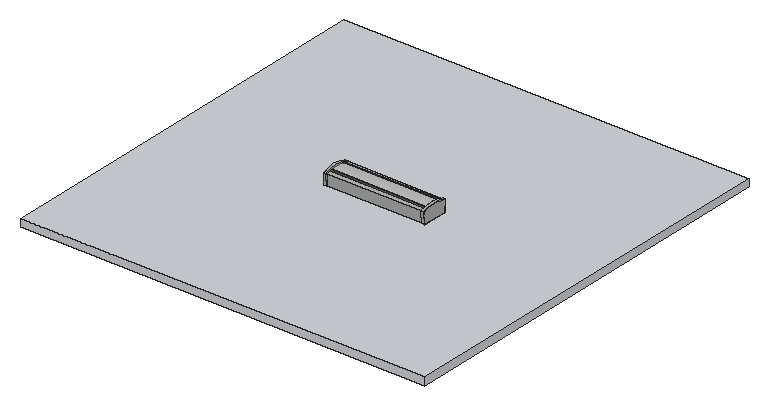
Revit family "P730011-030-30", category Lighting Fixtures, host Face, Revit 2014
Parameters (values of type "P730011-030-30")
  Wings = Paint - Hubbell - Light Silver
  Depth = 6 3/16"
  Watts = 20 W
  Wattage Comments = "20W"
  Wattage = 20 W
  Warranty = "5 years Warranty"  # constant formula
  built-in parameter 1150110 = 1 (stored number, unit not read)
  Voltage = 120 V
  URL = "https://www.hubbell.com/progresslighting/en"
  built-in parameter 1114217 = 1 (stored number, unit not read)
  Tilt Angle = -90.00°
  built-in parameter 1150109 = 1 (stored number, unit not read)
  built-in parameter 1150134 = 3
  built-in parameter 1150113 = 1 (stored number, unit not read)
  Reflector Finish = Hubbell - White Glass
  Product Link = "https://www.hubbell.com/progresslighting/en/Products/Lighting-Controls/Residential-Indoor-Lighting/New-Indoor-Products/Two-Foot-LED-Wrap-Light/p/4035420"
  Product Documentation Link = "https://hubbellcdn.com/specsheet/PROG_P730011-030-30_spec.pdf"
  Power Factor = 1
  Photometric Web File = "generic.ies"
  Mounting = Paint - Hubbell - Light Silver
  Model = "P730011-030-30"  # constant formula
  Manufacturer = "Progress Lighting"  # constant formula
  built-in parameter 1150105 = 127.32 (stored number, unit not read)
  Lumens = 1600 lm
  built-in parameter 1150115 = 1 (stored number, unit not read)
  Load Classification = Lighting
  built-in parameter 1150137 = (empty or 0)
  built-in parameter 1150139 = (empty or 0)
  Length = 23 3/4"
  built-in parameter 1150112 = 1 (stored number, unit not read)
  built-in parameter 1150114 = 1 (stored number, unit not read)
  Lamp = "LED"  # constant formula
  built-in parameter 1150132 = (empty or 0)
  built-in parameter 1150102 = (empty or 0)
  built-in parameter 1150107 = 3200 (stored number, unit not read)
  built-in parameter 1150138 = (empty or 0)
  built-in parameter 1150106 = 1.2732 (stored number, unit not read)
  Housing Material = Paint - Hubbell - White Texture
  Glass = Hubbell - Glass
  Fixture distribution = "Direct"  # constant formula
  Features = "White polycarbonate diffuser\r\n• Features a crisp white acrylic diffuser shaped into an elongated tubular silhouette.\r\n• Complemented by white end caps and a white metal chassis.\r\n• Can be mounted on a wall or ceiling to meet your unique design needs.\r\n• Ideal for kitchens, laundry rooms, garage utility areas, and work spaces.\r\n• Damp location listed.\r\n• Measures 23.724-inch width by 2.992-inch height.\r\n• Uses one integrated LED bulb (20w).\r\n• Able to be fully dimmable with dimmable bulbs.\r\n• Includes installation instructions and mounting hardware.\r\n• Progress Lighting products are designed for exceptional quality, reliability, and functionality.\r\n• Dimmable to 10% brightness (See Dimming Notes)\r\n• Mounting backplate for outlet box included\r\n• 6 in of wire supplied"  # constant formula
  Height = 2 15/16"
  Emit from Rectangle Width = Depth  # 6 3/16"
  Emit from Rectangle Length = Length  # 23 3/4"
  Emit Shape Visible in Rendering = no
  built-in parameter 1150104 = 7.4322 (stored number, unit not read)
  Dimming Lamp Color Temperature Shift = <None>
  Description = "The Wrap and Strip Collection’s Two-Foot LED Wrap Light features a crisp\r\nwhite acrylic diffuser shaped into an elegant elongated tubular silhouette.\r\nThe light fixture is complemented by white end caps and a white metal chassis. The wrap light can be mounted on a wall or ceiling to meet your unique\r\ndesign needs."  # constant formula
  Default Elevation = 48"
  Copyright = " ©2020 Progress Lighting, a division of Hubbell Lighting, Inc"  # constant formula
  Contact = "https://www.hubbell.com/progresslighting/en/contactUs"
  Connector Description = "Lighting Connector"  # constant formula
  Color Filter = 16777215
  built-in parameter 1114218 = 1 (stored number, unit not read)
  built-in parameter 1150133 = 10 (stored number, unit not read)
  Assembly Code = "D5020200"
  Apparent Load = Watts / Power Factor  # 20 VA
Reference planes (in)
  plane 1 "Center (Front/Back)": y = 0
  plane 2: z = 0.5561
  plane 3 "Center (Left/Right)": x = 0
  plane 4: x = -11.8125
  plane 5: x = 11.9375
  plane 6: y = 3.09375
  plane 7: y = -3.09375
  plane 8: z = 3.4936
Forms (in)
  Extrusion 1, solid
    sketch origin (0, 0, 0) x (1, 0, 0) y (0, 1, 0)
      loop
        line (-48, 48) -> (-48, -48) -> (48, -48) -> (48, 48) -> (-48, 48)
    from 0.5561 to -1.25
  Extrusion 2, solid, material "Paint - Hubbell - White Texture" <- "Housing Material"
    sketch origin (0, 0, 0) x (0, 1, 0) y (0, 0, 1)
      loop
        line (2.84375, 0.5561) -> (3.08547, 3.19259)
        arc (3.08547, 3.19259) -> (2.60684, 3.33976) -> (2.10966, 3.39931) r 2.79926
        arc (2.10966, 3.39931) -> (0.22208, 3.67095) -> (-1.67667, 3.4936) r 8.09742
        arc (-1.67667, 3.4936) -> (-1.87144, 3.44933) -> (-2.06506, 3.40027) r 8.09742
        arc (-2.06506, 3.40027) -> (-2.58501, 3.3443) -> (-3.08547, 3.19259) r 2.79926
        line (-3.08547, 3.19259) -> (-2.84375, 0.5561) -> (2.84375, 0.5561)
    from -11.8125 to 11.9375
  Extrusion 3, solid, material "Paint - Hubbell - White Texture" <- "Housing Material"
    sketch origin (0, 0, 0) x (0, 1, 0) y (0, 0, 1)
      loop
        line (-3.1515, 3.21149) -> (-2.89954, 0.46327) -> (2.89954, 0.46327) -> (3.15299, 3.22773)
        arc (3.15299, 3.22773) -> (-0.00095, 3.87766) -> (-3.1515, 3.21149) r 7.87912
    from 11.29613 to 11.9375
  Extrusion 4, solid, material "Paint - Hubbell - White Texture" <- "Housing Material"
    sketch origin (0, 0, 0) x (0, 1, 0) y (0, 0, -1)
      loop
        arc (-3.1515, -3.21149) -> (-0.00095, -3.87766) -> (3.15299, -3.22773) r 7.87912
        line (3.15299, -3.22773) -> (2.89954, -0.46327) -> (-2.89954, -0.46327) -> (-3.1515, -3.21149)
    from 11.29613 to 11.9375
  Extrusion 5, solid, material "Hubbell - Glass" <- "Glass"
    sketch origin (0, 0, 0) x (0, 1, 0) y (0, 0, 1)
      loop
        line (-1.69796, 3.59291) -> (-2.2573, 3.38933) -> (-2.10966, 3.39931) -> (-1.70339, 3.48783)
        arc (-1.70339, 3.48783) -> (0.20842, 3.67127) -> (2.10966, 3.39931) r 8.09742
        line (2.10966, 3.39931) -> (2.2573, 3.38933) -> (1.64324, 3.61283)
        arc (1.64324, 3.61283) -> (-0.02839, 3.77487) -> (-1.69796, 3.59291) r 8.19898
    from -11.29613 to 11.29613
Dimensions and locks (in)
  "Length": plane 4 to plane 5
  "Depth": plane 7 to plane 6
  plane 4 to plane 3 "Center (Left/Right)" to plane 5 = 11 13/16", 11 15/16"
  "Height": plane 8 to plane 2
  equal spacing: plane 7, plane 1 "Center (Front/Back)", plane 6
  aligned and locked: plane 2 to Extrusion 1
  aligned and locked: Extrusion 2 to plane 4
  aligned and locked: plane 5 to Extrusion 2
  aligned and locked: Extrusion 5 to Extrusion 4
  aligned and locked: Extrusion 5 to Extrusion 3
Automatic sketch dimensions
  Extrusion 1 sketch curve to Extrusion 1 sketch curve = 96"  (x2)
  Extrusion 2 sketch curve to Extrusion 2 sketch curve = 0"  (x2)
  Extrusion 2 sketch curve to plane 2 = 0"
  Extrusion 2 sketch curve to plane 8 = 0"
  plane 6 to Extrusion 2 sketch curve = 0.00828"
  plane 6 to Extrusion 2 sketch curve = 1/4"
  plane 2 to Extrusion 2 sketch curve = 0.04518"  (x2)
  Extrusion 2 sketch curve to Extrusion 2 sketch curve = 0.81703"
  Extrusion 2 sketch curve to plane 1 "Center (Front/Back)" = 0.02049"
  Extrusion 2 sketch curve to plane 7 = 1.06703"
  Extrusion 2 sketch curve to plane 7 = 1/4"
  Extrusion 2 sketch curve to plane 7 = 0.00828"
  Extrusion 2 sketch curve to level = 4.42396"
  Extrusion 2 sketch curve to plane 8 = 0.30101"
  Extrusion 2 sketch curve to plane 8 = 0.0943"
  plane 6 to Extrusion 2 sketch curve = 0.98409"
  plane 7 to Extrusion 3 sketch curve = 0.05775"
  Extrusion 3 sketch curve to plane 7 = 0.19421"
  Extrusion 3 sketch curve to plane 1 "Center (Front/Back)" = 0.01934"
  plane 6 to Extrusion 3 sketch curve = 0.19421"
  Extrusion 3 sketch curve to plane 6 = 0.05924"
  Extrusion 3 sketch curve to level = 4.00143"
  Extrusion 3 sketch curve to plane 2 = 0.09283"
  Extrusion 3 sketch curve to plane 8 = 0.28211"
  plane 7 to Extrusion 4 sketch curve = 0.05775"
  Extrusion 4 sketch curve to plane 2 = 0.09283"
  Extrusion 4 sketch curve to plane 7 = 0.19421"
  Extrusion 4 sketch curve to plane 1 "Center (Front/Back)" = 0.01934"
  plane 6 to Extrusion 4 sketch curve = 0.19421"
  Extrusion 4 sketch curve to plane 6 = 0.05924"
  Extrusion 4 sketch curve to plane 8 = 0.28211"
  Extrusion 4 sketch curve to Extrusion 4 sketch curve = 2.76446"
  Extrusion 5 sketch curve to Extrusion 5 sketch curve = 0"  (x2)
  Extrusion 5 sketch curve to plane 8 = 0.00577"
  Extrusion 5 sketch curve to plane 8 = 0.10428"  (x3)
  Extrusion 5 sketch curve to plane 7 = 0.83645"
  plane 8 to Extrusion 5 sketch curve = 0.09931"
  Extrusion 5 sketch curve to Extrusion 5 sketch curve = 0.55934"
  Extrusion 5 sketch curve to plane 1 "Center (Front/Back)" = 0.02049"
  plane 8 to Extrusion 5 sketch curve = 0.11922"
  Extrusion 5 sketch curve to plane 1 "Center (Front/Back)" = 1.64324"
  Extrusion 5 sketch curve to plane 8 = 0.0943"  (x2)
  Extrusion 5 sketch curve to Extrusion 5 sketch curve = 0.46642"
  Extrusion 5 sketch curve to Extrusion 5 sketch curve = 0.14764"  (x2)
Connectors (in)
  electrical at (0.0625, 0, 0.5561), driven by "Voltage", driven by "Apparent Load", driven by "Power Factor", driven by "Connector Description"
    settings: on Extrusion 2, index 1, voltage 120 V, apparent load 20 VA, apparent load phase1 0 VA, apparent load phase2 0 VA, apparent load phase3 0 VA, power factor 1, load classification "Other", number of poles 1, system type 30, power factor state 1, is connector primary yes, connector utility no, sub classification motor no, connector description "Lighting Connector"
